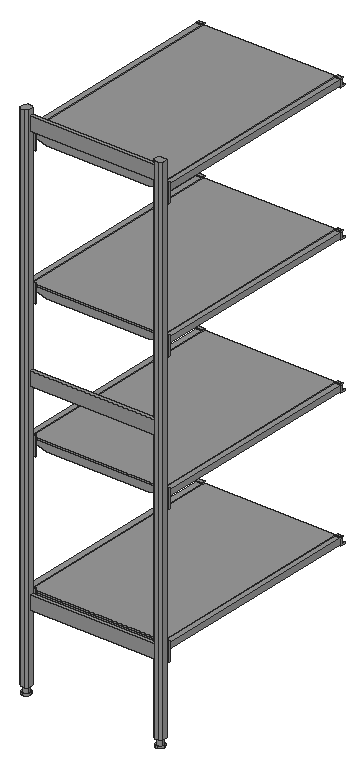
Revit family "QF_ELECTROLUXPROFESSIONAL_137070_CLS740", category Attrezzature speciali, Revit 2020
Family settings
  Quota connettore circolare = Usa diametro
  Tipo di parte = Normale
  Basato su piano di lavoro = No
  Sempre verticale = Sì
  Taglio con vuoti quando caricato = No
  Condiviso = No
  Punto di calcolo locali = No
Parameters (values of type "Standard")
  Weight = 15.00 kg
  Watts = 0 W
  Volts = 0 V
  URL Manufacturer = "https://www.electroluxprofessional.com/"
  URL = "https://www.electroluxprofessional.com/"
  Steam Supply Size = 0 mm
  Steam Supply Minimum Pressure = 0.0 Pa
  Steam Supply Maximum Pressure = 0.0 Pa
  Steam Consumption per Hour = 0
  Refrigeration Suction Line Size = 0.0 mm
  Refrigeration Liquid Line Size = 0.0 mm
  Refrigerant Compressor Remote = yes
  Prospetto di default = 0.0 mm
  Phase = 0
  Modello = "CLS740"
  Produttore = "Electrolux Professional"
  Length Actual = 744.0 mm  # constant formula
  Item Number = "137070"
  Hot Water Size = 0 mm
  Height Actual = 1700.0 mm  # constant formula
  HP = "0 HP"
  Gas Size = 0 mm
  Gas KW = 0
  Gas Input Pressure = 0 W
  Direct Waste Size = 0 mm
  Descrizione = "ALUM.CORNER SHELV.-POLY.TIERS-475X744MM"
  Depth Actual = 475.0 mm  # constant formula
  Cycle = 0 Hz
  Condensate Return Size = 0 mm
  Compressed Air Volume = 0.0 L/s
  Compressed Air Size = 0 mm
  Compressed Air Pressure = 0.0 Pa
  Cold Water Size = 0 mm
  Accessory = yes
Reference planes
  plane 1: z = 0
  plane 2 "Center (F/B)": y = -163.5
  plane 3 "Front": y = -549.5
  plane 4 "Left": x = -217.5
  plane 5 "Right": x = 257.5
  plane 6 "TOP": z = 1700
  plane 7: y = -517.5
  plane 8: y = 190.5
  plane 9 "Center (Left/Right)": x = 20
  plane 10: y = 185.5
  plane 11: x = -186
  plane 12: x = 226
  plane 13 "FEET": z = 25
  plane 14: z = 275
  plane 15: z = 725
  plane 16: z = 1175
  plane 17: z = 1625
  plane 18 "CXLeft": y = -535.5
  plane 19: x = -200
  plane 20 "CYBack": x = -200
  plane 21 "CYFront": x = 138
  plane 22 "Back": y = 194.5
  plane 23 "LEFT_ORIGIN": x = -251.5
  plane 24 "BACK_Origin": y = 669.5
Forms (mm)
  Extrusion 1, solid, material "QF_Aluminum"
    sketch origin (0, -549.5, 0) x (-1, 0, 0) y (0, 0, 1)
      loop
        line (198.5, 1650.994) -> (198.5, 1632.998) -> (217.5, 1632.998) -> (217.5, 1650.994) -> (198.5, 1650.994)
      loop
        line (-238.5, 1650.994) -> (-257.5, 1650.994) -> (-257.5, 1632.998) -> (-238.5, 1632.998) -> (-238.5, 1650.994)
      loop
        line (198.5, 1200.994) -> (198.5, 1182.998) -> (217.5, 1182.998) -> (217.5, 1200.994) -> (198.5, 1200.994)
      loop
        line (-238.522, 1200.994) -> (-257.5, 1200.994) -> (-257.5, 1182.998) -> (-238.522, 1182.998) -> (-238.522, 1200.994)
      loop
        line (198.5, 750.994) -> (198.5, 732.998) -> (217.5, 732.998) -> (217.5, 750.994) -> (198.5, 750.994)
      loop
        line (-238.522, 750.994) -> (-257.5, 750.994) -> (-257.5, 732.998) -> (-238.522, 732.998) -> (-238.522, 750.994)
      loop
        line (198.5, 300.994) -> (198.5, 282.998) -> (217.5, 282.998) -> (217.5, 300.994) -> (198.5, 300.994)
      loop
        line (-238.522, 300.994) -> (-257.5, 300.994) -> (-257.5, 282.998) -> (-238.522, 282.998) -> (-238.522, 300.994)
    from 32 to 740
  Extrusion 2, solid, material "QF_Polyethylene"
    sketch origin (0, -549.5, 0) x (-1, 0, 0) y (0, 0, 1)
      loop
        line (196.507, 1650.994) -> (-236.522, 1650.994) -> (-236.522, 1644.496) -> (196.507, 1644.496) -> (196.507, 1650.994)
      loop
        line (196.507, 1200.994) -> (-236.522, 1200.994) -> (-236.522, 1194.496) -> (196.507, 1194.496) -> (196.507, 1200.994)
      loop
        line (196.507, 750.994) -> (-236.522, 750.994) -> (-236.522, 744.496) -> (196.507, 744.496) -> (196.507, 750.994)
      loop
        line (196.507, 300.994) -> (-236.522, 300.994) -> (-236.522, 294.496) -> (196.507, 294.496) -> (196.507, 300.994)
    from 32 to 740
Lines and regions (mm)
  symbolic lines
    curve 1: line (-198.5, 190.5, 1700) -> (-198.5, -517.5, 1700)
    curve 2: line (-217.5, -521.5, 1700) -> (-217.5, 190.5, 1700)
    curve 3: line (257.5, -521.5, 1700) -> (257.5, 190.5, 1700)
    curve 4: line (-181.507, -517.5, 1700) -> (221.507, -517.5, 1700)
    curve 5: line (238.522, -517.5, 1700) -> (238.522, 190.5, 1700)
    curve 6: line (-198.5, 190.5, 1700) -> (238.522, 190.5, 1700)
Dimensions and locks
  plane 3 "Front" to plane 2 "Center (F/B)" = 386.0 mm
  locked: plane 6 "TOP" to level at 1700
  locked: plane 4 "Left" to plane 5 "Right" at 475
  locked: plane 7 to plane 8 at 708
  locked: plane 3 "Front" to plane 7 at 32
  plane 10 to plane 8 = 5.0 mm
  locked: plane 11 to plane 12 at 412
  equal spacing: plane 11, plane 9 "Center (Left/Right)", plane 12
  equal spacing: plane 4 "Left", plane 9 "Center (Left/Right)", plane 5 "Right"
  plane 13 "FEET" to level = 25.0 mm
  plane 6 "TOP" to plane 13 "FEET" = 1675.0 mm
  plane 14 to plane 13 "FEET" = 250.0 mm
  plane 15 to plane 14 = 450.0 mm
  plane 16 to plane 15 = 450.0 mm
  plane 17 to plane 16 = 450.0 mm
  locked: plane 3 "Front" to plane 18 "CXLeft" at 14
  locked: plane 3 "Front" to plane 22 "Back" at 744
  plane 23 "LEFT_ORIGIN" to plane 5 "Right" = 509.0 mm
  locked: plane 22 "Back" to plane 24 "BACK_Origin" at 475
  aligned and locked: level to plane 1
  aligned and locked: Extrusion 2 to plane 7
  aligned and locked: plane 8 to Extrusion 2
  aligned and locked: Extrusion 1 to plane 7
  aligned and locked: plane 8 to Extrusion 1
  aligned and locked: Extrusion 1 sketch curve to Extrusion 1 sketch curve  (x2)
  aligned and locked: plane 18 "CXLeft" to nested 1
  aligned and locked: nested 2 to plane 10
Automatic sketch dimensions
  curve 2 to plane 4 "Left" = 0.0 mm
  curve 3 to plane 5 "Right" = 0.0 mm
  plane 7 to curve 1 = 0.0 mm
  plane 7 to curve 4 = 0.0 mm
  plane 7 to curve 5 = 0.0 mm
  plane 8 to curve 2 = 0.0 mm
  plane 8 to curve 1 = 0.0 mm
  plane 8 to curve 3 = 0.0 mm
  curve 5 to plane 21 "CYFront" = 100.522 mm
  plane 19 to curve 6 = 1.5 mm
  plane 7 to curve 3 = 4.0 mm
  plane 7 to curve 2 = 4.0 mm
  plane 12 to curve 4 = 4.493 mm
  curve 4 to plane 11 = 4.493 mm
  plane 5 "Right" to Extrusion 1 sketch curve = 0.0 mm  (x4)
  plane 4 "Left" to Extrusion 1 sketch curve = 0.0 mm  (x4)
  Extrusion 1 sketch curve to plane 21 "CYFront" = 100.522 mm
  Extrusion 1 sketch curve to plane 21 "CYFront" = 100.5 mm
  plane 19 to Extrusion 1 sketch curve = 1.5 mm  (x4)
  plane 14 to Extrusion 1 sketch curve = 7.998 mm  (x2)
  Extrusion 1 sketch curve to Extrusion 1 sketch curve = 17.997 mm  (x8)
  plane 15 to Extrusion 1 sketch curve = 7.998 mm  (x2)
  plane 16 to Extrusion 1 sketch curve = 7.998 mm  (x2)
  plane 17 to Extrusion 1 sketch curve = 7.998 mm  (x2)
  Extrusion 2 sketch curve to plane 21 "CYFront" = 98.522 mm  (x4)
  plane 19 to Extrusion 2 sketch curve = 3.493 mm  (x4)
  plane 14 to Extrusion 2 sketch curve = 19.496 mm
  Extrusion 2 sketch curve to Extrusion 2 sketch curve = 6.499 mm  (x4)
  plane 15 to Extrusion 2 sketch curve = 19.496 mm
  plane 16 to Extrusion 2 sketch curve = 19.496 mm
  plane 17 to Extrusion 2 sketch curve = 19.496 mm
Nested families
  nested 1: "WT_Anta475" at (-194.5, -132.5, 0) x (0, 1, 0) z (0, 0, 1), type "WT_Anta475"
  nested 2: "WT_Aggancio475" at (-194.5, 602.5, 0) x (0, 1, 0) z (0, 0, 1), type "WT_Aggancio475"
Definition of nested family "WT_Anta475"
  Parameters
    WidthLeft = A + 64.0 mm  # 772.0 mm
    Width = 1606.0 mm
    Right = WidthLeft / 2  # 386.0 mm
    Default Elevation = 0.0 mm
    Left = -WidthLeft / 2  # -386.0 mm
    Height = 1725.0 mm
    FEET = 25.0 mm
    E = 0.0 mm
    Dint = Depth - 63.0 mm  # 412.0 mm
    Dext = Depth - 8.0 mm  # 467.0 mm
    Depth = 475.0 mm
    DX = (WidthLeft - A) / 2  # 32.0 mm
    B = 798.0 mm
    A = 708.0 mm
  Reference planes
    plane 1: z = 0
    plane 2 "LEFT": x = -417
    plane 3 "BACK": y = 23
    plane 4 "FRONT": y = -452
    plane 5 "TOP": z = 1725
    plane 6 "Center (Front/Back)": y = -214.5
    plane 7: y = -8.5
    plane 8: y = -420.5
    plane 9 "FEET": z = 25
    plane 10: z = 275
    plane 11: z = 725
    plane 12: z = 1175
    plane 13: z = 1625
    plane 14 "CXLeft": x = -403
    plane 15: y = 5.5
    plane 16 "CYBack": y = 5.5
    plane 17 "CYFront": y = -434.5
    plane 18: x = -385.031
    plane 19: x = -380.031
  Forms (mm)
    Extrusion 1, solid
      sketch origin (0, 0, 0) x (1, 0, 0) y (0, 1, 0)
        loop
          line (-417, 13.246) -> (-417, -2.246) -> (-410.746, -8.5) -> (-395.254, -8.5) -> (-389, -2.246) -> (-389, 13.246) -> (-395.254, 19.5) -> (-410.746, 19.5) -> (-417, 13.246)
      from 1725 to 25
    Extrusion 2, solid
      sketch origin (-417, 0, 0) x (0, 1, 0) y (0, 0, 1)
        loop
          line (23, 246.005) -> (23, 307.993) -> (-12.993, 307.993) -> (-12.993, 246.005) -> (23, 246.005)
        loop
          line (-452, 246.005) -> (-416.007, 246.005) -> (-416.007, 307.993) -> (-452, 307.993) -> (-452, 246.005)
        loop
          line (23, 696.005) -> (23, 757.993) -> (-12.993, 757.993) -> (-12.993, 696.005) -> (23, 696.005)
        loop
          line (-452, 696.005) -> (-416.007, 696.005) -> (-416.007, 757.993) -> (-452, 757.993) -> (-452, 696.005)
        loop
          line (23, 1146.005) -> (23, 1207.993) -> (-12.993, 1207.993) -> (-12.993, 1146.005) -> (23, 1146.005)
        loop
          line (-452, 1146.005) -> (-416.007, 1146.005) -> (-416.007, 1207.993) -> (-452, 1207.993) -> (-452, 1146.005)
        loop
          line (23, 1596.005) -> (23, 1657.993) -> (-12.993, 1657.993) -> (-12.993, 1596.005) -> (23, 1596.005)
        loop
          line (-452, 1596.005) -> (-416.007, 1596.005) -> (-416.007, 1657.993) -> (-452, 1657.993) -> (-452, 1596.005)
      from 28 to 32
    Revolve 3, solid
      sketch origin (-403, 0, 0) x (0, 1, 0) y (0, 0, 1)
        loop
          line (5.5, 25) -> (5.5, 0) -> (19, 0) -> (19, 5) -> (14, 5) -> (14, 25) -> (5.5, 25)
        axis (5.5, 25) -> (5.5, 0)
      angle from 0 to 360
    Extrusion 4, solid
      sketch origin (-403, 0, 0) x (0, 1, 0) y (0, 0, 1)
        loop
          line (-8.5, 912.382) -> (-8.5, 957.374) -> (-420.5, 957.374) -> (-420.5, 912.382) -> (-8.5, 912.382)
        loop
          line (-8.5, 1662.244) -> (-8.5, 1707.236) -> (-420.5, 1707.236) -> (-420.5, 1662.244) -> (-8.5, 1662.244)
      from -5 to 5
    Revolve 5, solid
      sketch origin (-403, -627, 0) x (0, -1, 0) y (0, 0, 1)
        loop
          line (-192.5, 25) -> (-192.5, 0) -> (-179, 0) -> (-179, 5) -> (-184, 5) -> (-184, 25) -> (-192.5, 25)
        axis (-192.5, 25) -> (-192.5, 0)
      angle from 0 to 360
    Extrusion 6, solid
      sketch origin (0, -627, 0) x (1, 0, 0) y (0, 1, 0)
        loop
          line (-417, 184.754) -> (-410.746, 178.5) -> (-395.254, 178.5) -> (-389, 184.754) -> (-389, 200.246) -> (-395.254, 206.5) -> (-410.746, 206.5) -> (-417, 200.246) -> (-417, 184.754)
      from 1725 to 25
    Extrusion 7, solid
      sketch origin (-417.031, -0.022, 0) x (0, 1, 0) y (0, 0, -1)
        loop
          line (-12, -1632.998) -> (-46, -1620.994) -> (-383, -1620.994) -> (-417, -1632.998) -> (-433, -1632.998) -> (-433, -1650.994) -> (-431, -1650.994) -> (-431, -1644.496) -> (2.007, -1644.496) -> (2.007, -1650.994) -> (4, -1650.994) -> (4, -1632.998) -> (-12, -1632.998)
        loop
          line (-12, -1182.998) -> (-46, -1170.994) -> (-383, -1170.994) -> (-417, -1182.998) -> (-433, -1182.998) -> (-433, -1200.994) -> (-431, -1200.994) -> (-431, -1194.496) -> (2.007, -1194.496) -> (2.007, -1200.994) -> (4, -1200.994) -> (4, -1182.998) -> (-12, -1182.998)
        loop
          line (-12, -732.998) -> (-46, -720.994) -> (-383, -720.994) -> (-417, -732.998) -> (-433, -732.998) -> (-433, -750.994) -> (-431, -750.994) -> (-431, -744.496) -> (2.007, -744.496) -> (2.007, -750.994) -> (4, -750.994) -> (4, -732.998) -> (-12, -732.998)
        loop
          line (-12, -282.998) -> (-46, -270.994) -> (-383, -270.994) -> (-417, -282.998) -> (-433, -282.998) -> (-433, -300.994) -> (-431, -300.994) -> (-431, -294.496) -> (2.007, -294.496) -> (2.007, -300.994) -> (4, -300.994) -> (4, -282.998) -> (-12, -282.998)
      from -32 to -37
    Extrusion 8, solid
      sketch origin (-403, 0, -659.878) x (0, 1, 0) y (0, 0, 1)
        loop
          line (-8.5, 912.382) -> (-8.5, 957.374) -> (-420.5, 957.374) -> (-420.5, 912.382) -> (-8.5, 912.382)
        loop
          line (-8.5, 1572.382) -> (-8.5, 1617.374) -> (-420.5, 1617.374) -> (-420.5, 1572.382) -> (-8.5, 1572.382)
        loop
          line (-8.5, 2322.382) -> (-8.5, 2367.374) -> (-420.5, 2367.374) -> (-420.5, 2322.382) -> (-8.5, 2322.382)
      from -5 to 5
  Lines and regions (mm)
    symbolic lines
      curve 1: line (-408, -8.5, 1725) -> (-408, -420.5, 1725)
      curve 2: line (-398, -420.5, 1725) -> (-398, -8.5, 1725)
      curve 3: line (-395.254, -8.5, 1725) -> (-410.746, -8.5, 1725)
      curve 4: line (-417, -2.246, 1725) -> (-410.746, -8.5, 1725)
      curve 5: line (-417, 13.246, 1725) -> (-417, -2.246, 1725)
      curve 6: line (-410.746, 19.5, 1725) -> (-417, 13.246, 1725)
      curve 7: line (-395.254, 19.5, 1725) -> (-410.746, 19.5, 1725)
      curve 8: line (-389, 13.246, 1725) -> (-395.254, 19.5, 1725)
      curve 9: line (-395.254, -8.5, 1725) -> (-389, -2.246, 1725)
      curve 10: line (-395.254, -420.5, 1725) -> (-410.746, -420.5, 1725)
      curve 11: line (-417, -426.754, 1725) -> (-410.746, -420.5, 1725)
      curve 12: line (-410.746, -448.5, 1725) -> (-417, -442.246, 1725)
      curve 13: line (-395.254, -448.5, 1725) -> (-410.746, -448.5, 1725)
      curve 14: line (-389, -442.246, 1725) -> (-395.254, -448.5, 1725)
      curve 15: line (-395.254, -420.5, 1725) -> (-389, -426.754, 1725)
      curve 16: line (-389, -452, 1725) -> (-389, -416.007, 1725)
      curve 17: line (-389, -416.007, 1725) -> (-385, -416.007, 1725)
      curve 18: line (-389, 23, 1725) -> (-389, -12.993, 1725)
      curve 19: line (-389, -12.993, 1725) -> (-385, -12.993, 1725)
      curve 20: line (-417, -426.754, 1725) -> (-417, -442.246, 1725)
      curve 21: line (-385, -452, 1725) -> (-385, -416.007, 1725)
      curve 22: line (-385, -452, 1725) -> (-389, -452, 1725)
      curve 23: line (-385, 23, 1725) -> (-389, 23, 1725)
      curve 24: line (-385, -12.993, 1725) -> (-385, 23, 1725)
      curve 25: line (-385.031, -13.016, 1725) -> (-385.031, -416.029, 1725)
  Dimensions and locks
    "Height": plane 5 "TOP" to level
    "Depth": plane 3 "BACK" to plane 4 "FRONT"
    "Dint": plane 7 to plane 8
    equal spacing: plane 7, plane 6 "Center (Front/Back)", plane 8
    equal spacing: plane 3 "BACK", plane 6 "Center (Front/Back)", plane 4 "FRONT"
    plane 9 "FEET" to level = 25.0 mm
    plane 5 "TOP" to plane 9 "FEET" = 1700.0 mm
    plane 10 to plane 9 "FEET" = 250.0 mm
    plane 11 to plane 10 = 450.0 mm
    plane 12 to plane 11 = 450.0 mm
    plane 13 to plane 12 = 450.0 mm
    locked: plane 2 "LEFT" to plane 14 "CXLeft" at 14
    locked: plane 3 "BACK" to plane 16 "CYBack" at 17.5
    locked: plane 17 "CYFront" to plane 4 "FRONT" at 17.5
    locked: Revolve 3 sketch curve to Revolve 3 sketch curve at 8.5
    locked: Revolve 3 sketch curve to plane 16 "CYBack" at 13.5
    locked: Revolve 5 sketch curve to Revolve 5 sketch curve at 8.5
    aligned and locked: level to plane 1
    aligned and locked: curve 20 to Extrusion 6
    aligned and locked: plane 5 "TOP" to Extrusion 1
    aligned and locked: plane 5 "TOP" to Extrusion 6
    aligned and locked: Extrusion 7 sketch curve to Extrusion 7 sketch curve  (x3)
  Automatic sketch dimensions
    curve 16 to plane 4 "FRONT" = 0.0 mm
    curve 11 to plane 8 = 0.0 mm
    curve 9 to plane 7 = 0.0 mm
    curve 5 to plane 2 "LEFT" = 0.0 mm
    curve 23 to plane 3 "BACK" = 0.0 mm
    plane 4 "FRONT" to curve 13 = 3.5 mm
    curve 20 to plane 17 "CYFront" = 7.746 mm
    curve 20 to plane 8 = 6.254 mm
    plane 8 to curve 16 = 4.493 mm
    curve 24 to plane 18 = 0.031 mm
    curve 24 to plane 7 = 4.493 mm
    plane 7 to curve 5 = 6.254 mm
    curve 5 to plane 15 = 7.746 mm
    curve 6 to plane 3 "BACK" = 3.5 mm
    curve 21 to plane 18 = 0.031 mm
    plane 18 to curve 23 = 3.969 mm
    plane 18 to curve 16 = 3.969 mm
    curve 18 to curve 8 = 6.254 mm
    curve 18 to curve 3 = 6.254 mm
    curve 16 to curve 13 = 6.254 mm
    curve 16 to curve 15 = 6.254 mm
    plane 2 "LEFT" to curve 10 = 6.254 mm
    plane 2 "LEFT" to curve 7 = 6.254 mm
    plane 2 "LEFT" to curve 12 = 6.254 mm
    plane 2 "LEFT" to curve 3 = 6.254 mm
    curve 14 to plane 17 "CYFront" = 7.746 mm
    curve 15 to plane 8 = 6.254 mm
    plane 7 to curve 9 = 6.254 mm
    curve 8 to plane 15 = 7.746 mm
    curve 3 to curve 2 = 2.746 mm
    curve 1 to curve 10 = 2.746 mm
    Extrusion 1 sketch curve to plane 2 "LEFT" = 0.0 mm
    Extrusion 1 sketch curve to plane 7 = 0.0 mm
    plane 2 "LEFT" to Extrusion 1 sketch curve = 6.254 mm  (x2)
    plane 14 "CXLeft" to Extrusion 1 sketch curve = 7.746 mm  (x2)
    Extrusion 1 sketch curve to plane 3 "BACK" = 3.5 mm
    plane 18 to Extrusion 1 sketch curve = 3.969 mm
    plane 7 to Extrusion 1 sketch curve = 6.254 mm  (x2)
    Extrusion 1 sketch curve to plane 15 = 7.746 mm  (x2)
    Extrusion 2 sketch curve to plane 4 "FRONT" = 0.0 mm  (x4)
    Extrusion 2 sketch curve to plane 3 "BACK" = 0.0 mm  (x4)
    plane 8 to Extrusion 2 sketch curve = 4.493 mm  (x4)
    Extrusion 2 sketch curve to plane 7 = 4.493 mm  (x4)
    Extrusion 2 sketch curve to plane 10 = 28.995 mm  (x2)
    plane 10 to Extrusion 2 sketch curve = 32.993 mm  (x2)
    Extrusion 2 sketch curve to plane 11 = 28.995 mm  (x2)
    plane 11 to Extrusion 2 sketch curve = 32.993 mm  (x2)
    Extrusion 2 sketch curve to plane 12 = 28.995 mm  (x2)
    plane 12 to Extrusion 2 sketch curve = 32.993 mm  (x2)
    Extrusion 2 sketch curve to plane 13 = 28.995 mm  (x2)
    plane 13 to Extrusion 2 sketch curve = 32.993 mm  (x2)
    Revolve 3 sketch curve to plane 9 "FEET" = 0.0 mm  (x2)
    Revolve 3 sketch curve to plane 15 = 0.0 mm  (x2)
    Revolve 3 sketch curve to level = 0.0 mm
    level to Revolve 3 sketch curve = 5.0 mm
    Revolve 3 sketch curve to Revolve 3 sketch curve = 11.655 mm
    Extrusion 4 sketch curve to plane 8 = 0.0 mm  (x2)
    Extrusion 4 sketch curve to plane 7 = 0.0 mm  (x2)
    plane 11 to Extrusion 4 sketch curve = 187.382 mm
    Extrusion 4 sketch curve to Extrusion 4 sketch curve = 44.992 mm
    plane 13 to Extrusion 4 sketch curve = 37.244 mm
    Extrusion 4 sketch curve to plane 5 "TOP" = 17.764 mm
    Revolve 5 sketch curve to plane 9 "FEET" = 0.0 mm  (x2)
    Revolve 5 sketch curve to plane 17 "CYFront" = 0.0 mm  (x2)
    Revolve 5 sketch curve to level = 0.0 mm
    Revolve 5 sketch curve to plane 4 "FRONT" = 4.0 mm
    Revolve 5 sketch curve to Revolve 5 sketch curve = 5.0 mm
    level to Revolve 5 sketch curve = 11.655 mm
    Extrusion 6 sketch curve to plane 2 "LEFT" = 0.0 mm
    Extrusion 6 sketch curve to plane 8 = 0.0 mm
    Extrusion 6 sketch curve to plane 2 "LEFT" = 6.254 mm  (x2)
    Extrusion 6 sketch curve to plane 14 "CXLeft" = 7.746 mm  (x2)
    Extrusion 6 sketch curve to plane 4 "FRONT" = 3.5 mm
    Extrusion 6 sketch curve to plane 18 = 3.969 mm
    plane 8 to Extrusion 6 sketch curve = 6.254 mm  (x2)
    plane 17 "CYFront" to Extrusion 6 sketch curve = 7.746 mm  (x2)
    plane 17 "CYFront" to Extrusion 7 sketch curve = 1.478 mm  (x4)
    Extrusion 7 sketch curve to Extrusion 7 sketch curve = 2.0 mm
    plane 8 to Extrusion 7 sketch curve = 3.478 mm  (x4)
    Extrusion 7 sketch curve to plane 10 = 4.006 mm
    Extrusion 7 sketch curve to Extrusion 7 sketch curve = 34.0 mm  (x4)
    Extrusion 7 sketch curve to plane 11 = 4.006 mm
    Extrusion 7 sketch curve to plane 12 = 4.006 mm
    Extrusion 7 sketch curve to plane 13 = 4.006 mm
    Extrusion 7 sketch curve to plane 7 = 37.522 mm  (x4)
    Extrusion 7 sketch curve to plane 7 = 3.522 mm  (x4)
    plane 15 to Extrusion 7 sketch curve = 3.516 mm  (x4)
    plane 15 to Extrusion 7 sketch curve = 1.522 mm  (x4)
    plane 13 to Extrusion 7 sketch curve = 7.998 mm  (x2)
    Extrusion 7 sketch curve to Extrusion 7 sketch curve = 11.498 mm
    Extrusion 7 sketch curve to Extrusion 7 sketch curve = 6.499 mm  (x5)
    plane 12 to Extrusion 7 sketch curve = 25.994 mm  (x2)
    plane 12 to Extrusion 7 sketch curve = 7.998 mm  (x2)
    plane 11 to Extrusion 7 sketch curve = 25.994 mm  (x2)
    plane 11 to Extrusion 7 sketch curve = 7.998 mm  (x2)
    plane 10 to Extrusion 7 sketch curve = 25.994 mm  (x2)
    plane 10 to Extrusion 7 sketch curve = 7.998 mm  (x2)
    curve 25 to plane 18 = 0.0 mm
    plane 8 to curve 25 = 4.471 mm
    curve 25 to plane 7 = 4.516 mm
    Extrusion 8 sketch curve to plane 8 = 0.0 mm  (x3)
    Extrusion 8 sketch curve to plane 7 = 0.0 mm  (x3)
    Extrusion 8 sketch curve to plane 10 = 22.496 mm
    plane 10 to Extrusion 8 sketch curve = 22.496 mm
    plane 11 to Extrusion 8 sketch curve = 187.504 mm
    Extrusion 8 sketch curve to Extrusion 8 sketch curve = 44.992 mm
    plane 13 to Extrusion 8 sketch curve = 37.504 mm
    Extrusion 8 sketch curve to plane 5 "TOP" = 17.504 mm
Definition of nested family "WT_Aggancio475"
  Parameters
    WidthLeft = A + 64.0 mm  # 772.0 mm
    Width = 1606.0 mm
    Right = WidthLeft / 2  # 386.0 mm
    Default Elevation = 0.0 mm
    Left = -WidthLeft / 2  # -386.0 mm
    Height = 1725.0 mm
    FEET = 25.0 mm
    E = 0.0 mm
    Dint = Depth - 63.0 mm  # 412.0 mm
    Dext = Depth - 8.0 mm  # 467.0 mm
    Depth = 475.0 mm
    DX = (WidthLeft - A) / 2  # 32.0 mm
    B = 798.0 mm
    A = 708.0 mm
  Reference planes
    plane 1: z = 0
    plane 2 "LEFT": x = -417
    plane 3 "BACK": y = 23
    plane 4 "FRONT": y = -452
    plane 5 "TOP": z = 1725
    plane 6 "Center (Front/Back)": y = -214.5
    plane 7: y = -8.5
    plane 8: y = -420.5
    plane 9 "FEET": z = 25
    plane 10: z = 275
    plane 11: z = 725
    plane 12: z = 1175
    plane 13: z = 1625
    plane 14: y = 5.5
    plane 15 "CYBack": y = 5.5
    plane 16 "CYFront": y = -434.5
  Forms (mm)
    Extrusion 1, solid
      sketch origin (-380, -0.022, 0) x (0, 1, 0) y (0, 0, 1)
        loop
          line (-12, 1632.998) -> (4, 1632.998) -> (4, 1650.994) -> (2.007, 1650.994) -> (2.007, 1644.496) -> (-431, 1644.496) -> (-431, 1650.994) -> (-433, 1650.994) -> (-433, 1632.998) -> (-417, 1632.998) -> (-383, 1620.994) -> (-46, 1620.994) -> (-12, 1632.998)
        loop
          line (-12, 1182.998) -> (4, 1182.998) -> (4, 1200.994) -> (2.007, 1200.994) -> (2.007, 1194.496) -> (-431, 1194.496) -> (-431, 1200.994) -> (-433, 1200.994) -> (-433, 1182.998) -> (-417, 1182.998) -> (-383, 1170.994) -> (-46, 1170.994) -> (-12, 1182.998)
        loop
          line (-12, 732.998) -> (4, 732.998) -> (4, 750.994) -> (2.007, 750.994) -> (2.007, 744.496) -> (-431, 744.496) -> (-431, 750.994) -> (-433, 750.994) -> (-433, 732.998) -> (-417, 732.998) -> (-383, 720.994) -> (-46, 720.994) -> (-12, 732.998)
        loop
          line (-12, 282.998) -> (4, 282.998) -> (4, 300.994) -> (2.007, 300.994) -> (2.007, 294.496) -> (-431, 294.496) -> (-431, 300.994) -> (-433, 300.994) -> (-433, 282.998) -> (-417, 282.998) -> (-383, 270.994) -> (-46, 270.994) -> (-12, 282.998)
      from -32 to -37
    Extrusion 2, solid
      sketch origin (-793.062, -324.754, 6.5) x (1, 0, 0) y (0, 0, 1)
        loop
          line (385.062, 1644.496) -> (385.062, 1647.496) -> (376.062, 1647.496) -> (376.062, 1620.994) -> (390.031, 1620.994) -> (390.031, 1626.496) -> (381.062, 1626.496) -> (381.062, 1644.496) -> (385.062, 1644.496)
        loop
          line (385.062, 1194.496) -> (385.062, 1197.496) -> (376.062, 1197.496) -> (376.062, 1170.994) -> (390.031, 1170.994) -> (390.031, 1176.496) -> (381.062, 1176.496) -> (381.062, 1194.496) -> (385.062, 1194.496)
        loop
          line (385.062, 744.496) -> (385.062, 747.496) -> (376.062, 747.496) -> (376.062, 720.994) -> (390.031, 720.994) -> (390.031, 726.496) -> (381.062, 726.496) -> (381.062, 744.496) -> (385.062, 744.496)
        loop
          line (385.062, 294.496) -> (385.062, 297.496) -> (376.062, 297.496) -> (376.062, 270.994) -> (390.031, 270.994) -> (390.031, 276.496) -> (381.062, 276.496) -> (381.062, 294.496) -> (385.062, 294.496)
      from 108.268 to 127.246
    Extrusion 3, solid
      sketch origin (-793.062, 32.754, 6.5) x (1, 0, 0) y (0, 0, 1)
        loop
          line (385.062, 1644.496) -> (385.062, 1647.496) -> (376.062, 1647.496) -> (376.062, 1620.994) -> (390.031, 1620.994) -> (390.031, 1626.496) -> (381.062, 1626.496) -> (381.062, 1644.496) -> (385.062, 1644.496)
        loop
          line (385.062, 1194.496) -> (385.062, 1197.496) -> (376.062, 1197.496) -> (376.062, 1170.994) -> (390.031, 1170.994) -> (390.031, 1176.496) -> (381.062, 1176.496) -> (381.062, 1194.496) -> (385.062, 1194.496)
        loop
          line (385.062, 744.496) -> (385.062, 747.496) -> (376.062, 747.496) -> (376.062, 720.994) -> (390.031, 720.994) -> (390.031, 726.496) -> (381.062, 726.496) -> (381.062, 744.496) -> (385.062, 744.496)
        loop
          line (385.062, 294.496) -> (385.062, 297.496) -> (376.062, 297.496) -> (376.062, 270.994) -> (390.031, 270.994) -> (390.031, 276.496) -> (381.062, 276.496) -> (381.062, 294.496) -> (385.062, 294.496)
      from 9.754 to 28.776
  Lines and regions (mm)
    symbolic lines
      curve 1: line (-412, -452, 0) -> (-408, -452, 0)
      curve 2: line (-412, -433.022, 0) -> (-412, -452, 0)
      curve 3: line (-408, -433.022, 0) -> (-412, -433.022, 0)
      curve 4: line (-408, -452, 0) -> (-408, -433.022, 0)
      curve 5: line (-412, 3.978, 0) -> (-408, 3.978, 0)
      curve 6: line (-412, 23, 0) -> (-412, 3.978, 0)
      curve 7: line (-408, 23, 0) -> (-412, 23, 0)
      curve 8: line (-408, 3.978, 0) -> (-408, 23, 0)
  Dimensions and locks
    "Height": plane 5 "TOP" to level
    "Depth": plane 3 "BACK" to plane 4 "FRONT"
    "Dint": plane 7 to plane 8
    equal spacing: plane 7, plane 6 "Center (Front/Back)", plane 8
    equal spacing: plane 3 "BACK", plane 6 "Center (Front/Back)", plane 4 "FRONT"
    plane 9 "FEET" to level = 25.0 mm
    plane 5 "TOP" to plane 9 "FEET" = 1700.0 mm
    plane 10 to plane 9 "FEET" = 250.0 mm
    plane 11 to plane 10 = 450.0 mm
    plane 12 to plane 11 = 450.0 mm
    plane 13 to plane 12 = 450.0 mm
    locked: plane 3 "BACK" to plane 15 "CYBack" at 17.5
    locked: plane 16 "CYFront" to plane 4 "FRONT" at 17.5
    aligned and locked: level to plane 1
    aligned and locked: Extrusion 1 sketch curve to Extrusion 1 sketch curve  (x3)
  Automatic sketch dimensions
    plane 16 "CYFront" to Extrusion 1 sketch curve = 1.478 mm  (x4)
    Extrusion 1 sketch curve to Extrusion 1 sketch curve = 2.0 mm
    plane 8 to Extrusion 1 sketch curve = 3.478 mm  (x4)
    Extrusion 1 sketch curve to plane 10 = 4.006 mm
    Extrusion 1 sketch curve to Extrusion 1 sketch curve = 34.0 mm  (x4)
    Extrusion 1 sketch curve to plane 11 = 4.006 mm
    Extrusion 1 sketch curve to plane 12 = 4.006 mm
    Extrusion 1 sketch curve to plane 13 = 4.006 mm
    Extrusion 1 sketch curve to plane 7 = 37.522 mm  (x4)
    Extrusion 1 sketch curve to plane 7 = 3.522 mm  (x4)
    plane 14 to Extrusion 1 sketch curve = 3.516 mm  (x4)
    plane 14 to Extrusion 1 sketch curve = 1.522 mm  (x4)
    plane 10 to Extrusion 1 sketch curve = 7.998 mm  (x2)
    Extrusion 1 sketch curve to Extrusion 1 sketch curve = 11.498 mm  (x4)
    Extrusion 1 sketch curve to Extrusion 1 sketch curve = 6.499 mm  (x8)
    plane 11 to Extrusion 1 sketch curve = 7.998 mm  (x2)
    plane 12 to Extrusion 1 sketch curve = 7.998 mm  (x2)
    plane 13 to Extrusion 1 sketch curve = 7.998 mm  (x2)
    plane 2 "LEFT" to Extrusion 2 sketch curve = 0.0 mm  (x4)
    plane 13 to Extrusion 2 sketch curve = 7.996 mm
    plane 11 to Extrusion 2 sketch curve = 7.996 mm
    Extrusion 2 sketch curve to Extrusion 2 sketch curve = 5.0 mm  (x4)
    plane 11 to Extrusion 2 sketch curve = 2.494 mm
    plane 10 to Extrusion 2 sketch curve = 28.996 mm
    Extrusion 2 sketch curve to Extrusion 2 sketch curve = 3.0 mm  (x4)
    plane 10 to Extrusion 2 sketch curve = 7.996 mm
    plane 10 to Extrusion 2 sketch curve = 2.494 mm
    Extrusion 2 sketch curve to Extrusion 2 sketch curve = 18.0 mm  (x3)
    plane 12 to Extrusion 2 sketch curve = 2.494 mm
    plane 12 to Extrusion 2 sketch curve = 7.996 mm
    plane 13 to Extrusion 2 sketch curve = 2.494 mm
    plane 2 "LEFT" to Extrusion 3 sketch curve = 0.0 mm  (x4)
    plane 13 to Extrusion 3 sketch curve = 7.996 mm
    plane 11 to Extrusion 3 sketch curve = 7.996 mm
    Extrusion 3 sketch curve to Extrusion 3 sketch curve = 5.0 mm  (x4)
    plane 11 to Extrusion 3 sketch curve = 2.494 mm
    plane 10 to Extrusion 3 sketch curve = 28.996 mm
    Extrusion 3 sketch curve to Extrusion 3 sketch curve = 3.0 mm  (x4)
    plane 10 to Extrusion 3 sketch curve = 7.996 mm
    plane 10 to Extrusion 3 sketch curve = 2.494 mm
    Extrusion 3 sketch curve to Extrusion 3 sketch curve = 18.0 mm  (x3)
    plane 12 to Extrusion 3 sketch curve = 2.494 mm
    plane 12 to Extrusion 3 sketch curve = 7.996 mm
    plane 13 to Extrusion 3 sketch curve = 2.494 mm
    plane 2 "LEFT" to curve 1 = 5.0 mm
    plane 2 "LEFT" to curve 7 = 5.0 mm
    curve 1 to plane 16 "CYFront" = 17.5 mm
    curve 3 to plane 8 = 12.522 mm
    plane 7 to curve 5 = 12.478 mm
    curve 7 to plane 14 = 17.5 mm
    curve 5 to curve 5 = 4.0 mm
    curve 1 to curve 4 = 4.0 mm
    Extrusion 2 sketch curve to Extrusion 2 sketch curve = 4.0 mm  (x4)
    Extrusion 2 sketch curve to Extrusion 2 sketch curve = 8.969 mm  (x4)
    Extrusion 3 sketch curve to Extrusion 3 sketch curve = 4.0 mm  (x4)
    Extrusion 3 sketch curve to Extrusion 3 sketch curve = 8.969 mm  (x4)
